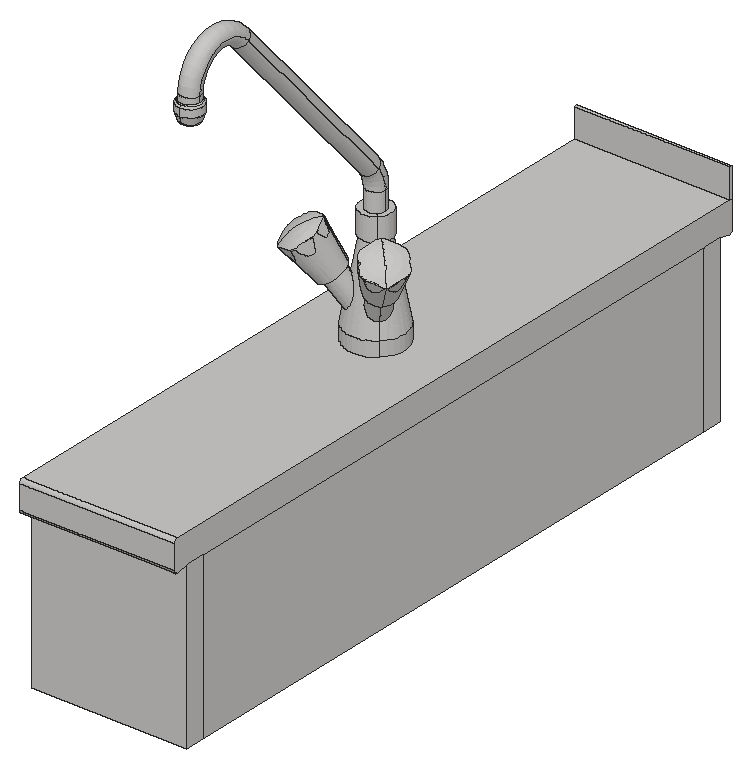
Revit family "QF_ELECTROLUXPROFESSIONAL_589149_MCEBBBBOOO", category Attrezzature speciali, Revit 2020
Family settings
  Quota connettore circolare = Usa diametro
  Tipo di parte = Normale
  Basato su piano di lavoro = No
  Sempre verticale = Sì
  Taglio con vuoti quando caricato = No
  Condiviso = No
  Punto di calcolo locali = No
Parameters (values of type "Standard")
  Weight = 16.50 kg
  Watts = 0 W
  Volts = 0 V
  URL Manufacturer = "https://www.electroluxprofessional.com/"
  URL = "https://www.electroluxprofessional.com/"
  Steam Supply Size = 0"
  Steam Supply Minimum Pressure = 0.00 psi
  Steam Supply Maximum Pressure = 0.00 psi
  Steam Consumption per Hour = 0
  Refrigeration Suction Line Size = 0 mm
  Refrigeration Liquid Line Size = 0 mm
  Refrigerant Compressor Remote = yes
  Prospetto di default = 0 mm
  Phase = 0
  Modello = "MCEBBBBOOO"
  Produttore = "Electrolux Professional"
  Length Actual = 200 mm  # constant formula
  Item Number = "589149"
  Hot Water Size = 0"
  Height Actual = 250 mm  # constant formula
  HP = "0 HP"
  Gas Size = 0"
  Gas KW = 0
  Gas Input Pressure = 0.0 Btu/h
  Direct Waste Size = 0"
  Descrizione = "WATER MIXING TAP,KNOBS,1S,BS,200X900X250"
  Depth Actual = 900 mm  # constant formula
  Cycle = 0 Hz
  Condensate Return Size = 0"
  Compressed Air Volume = 0 GPM
  Compressed Air Size = 0"
  Compressed Air Pressure = 0.00 psi
  Cold Water Size = 0"
  Accessory = yes
Reference planes
  plane 1 "BACK": y = 50
  plane 2: z = 0
  plane 3 "LEFT": x = 0
  plane 4 "RIGHT": x = 200
  plane 5 "FRONT": y = -850
  plane 6 "TOP": z = 900
  plane 7 "Center (Left/Right)": x = 100
  plane 8: y = -400
  plane 9 "Base": z = 650
  plane 10 "Panel": y = -805
  plane 11: z = 1375
  plane 12: x = 78
  plane 13 "HWCWx": x = 145
  plane 14 "HWCWy": y = -473
  plane 15: z = 1285
  plane 16: y = -466.65
  plane 17: y = -479.35
Forms (mm)
  Extrusion 1, solid, material "QF_Finishes_Stainless Steel"
    sketch origin (-178.969, -4572, 650) x (-1, 0, 0) y (0, -1, 0)
      loop
        line (-178.969, -4577) -> (-178.969, -3767) -> (-378.969, -3767) -> (-378.969, -4577) -> (-178.969, -4577)
    from 0 to 212.969
  Extrusion 2, solid, material "QF_Finishes_Stainless Steel"
    sketch origin (100, 296.4, 1219.2) x (0, 1, 0) y (0, 0, 1)
      loop
        line (-246.4, -319.2) -> (-1141.4, -319.2)
        arc (-1141.4, -319.2) -> (-1144.935, -320.664) -> (-1146.4, -324.2) r 5
        line (-1146.4, -324.2) -> (-1146.4, -355.2)
        arc (-1146.4, -355.2) -> (-1144.971, -358.264) -> (-1141.705, -359.139) r 4
        line (-1141.705, -359.139) -> (-1126.4, -356.231) -> (-266.4, -356.231) -> (-251.094, -359.139)
        arc (-251.094, -359.139) -> (-247.829, -358.264) -> (-246.4, -355.2) r 4
        line (-246.4, -355.2) -> (-246.4, -319.2)
    from -100 to 100
  Extrusion 3, solid, material "QF_Finishes_Stainless Steel"
    sketch origin (-178.969, -4572, 650) x (-1, 0, 0) y (0, -1, 0)
      loop
        line (-178.969, -4577) -> (-178.969, -3767) -> (-378.969, -3767) -> (-378.969, -4577) -> (-178.969, -4577)
    from 212.969 to 0
  Extrusion 4, solid, material "QF_Finishes_Stainless Steel"
    sketch origin (400, 296.4, 1219.2) x (0, 1, 0) y (0, 0, 1)
      loop
        line (-249.4, -319.2) -> (-246.4, -319.2) -> (-246.4, -281.2) -> (-249.4, -281.2) -> (-249.4, -319.2)
    from -400 to -200
  Extrusion 5, solid, material "QF_Finishes_Stainless Steel"
    sketch origin (100, 296.4, 1219.2) x (0, 1, 0) y (0, 0, 1)
      loop
        line (-1101.4, -569.2) -> (-1101.4, -356.231) -> (-1126.4, -356.231) -> (-1126.4, -569.2) -> (-1101.4, -569.2)
    from -100 to 100
  Extrusion 6, solid, material "QF_Finishes_Stainless Steel"
    sketch origin (-178.969, -4622, 650) x (-1, 0, 0) y (0, -1, 0)
      loop
        circle (-323.969, -4155.35) r 6.35
    from 0 to -12
  Extrusion 7, solid, material "QF_Finishes_Stainless Steel"
    sketch origin (-176.398, -4624.007, 650) x (-1, 0, 0) y (0, -1, 0)
      loop
        circle (-321.398, -4144.657) r 6.35
    from 0 to -12
  Extrusion 8, solid, material "QF_Finishes_Stainless Steel"
    sketch origin (0, 0, 0) x (0, 1, 0) y (0, 0, 1)
      loop
        line (30, 650) -> (30, 862.969) -> (5, 862.969) -> (5, 650) -> (30, 650)
    from 0 to 200
Lines and regions (mm)
  symbolic lines
    curve 1: line (0, 50, 650) -> (200, 50, 650)
    curve 2: line (0, -850, 650) -> (0, 50, 650)
    curve 3: line (200, -850, 650) -> (0, -850, 650)
    curve 4: line (200, 50, 650) -> (200, -850, 650)
    curve 5: line (0, 47, 0) -> (200, 47, 0)
Dimensions and locks
  plane 3 "LEFT" to plane 4 "RIGHT" = 200 mm
  plane 5 "FRONT" to plane 1 "BACK" = 900 mm
  equal spacing: plane 3 "LEFT", plane 7 "Center (Left/Right)", plane 4 "RIGHT"
  equal spacing: plane 5 "FRONT", plane 8, plane 1 "BACK"
  plane 6 "TOP" to level = 900 mm  (x2)
  plane 9 "Base" to level = 650 mm
  plane 6 "TOP" to plane 9 "Base" to level = 250 mm, 650 mm
  plane 1 "BACK" to plane 5 "FRONT" = 900 mm
  plane 11 to plane 6 "TOP" = 475 mm
  plane 12 to plane 3 "LEFT" = 78 mm
  plane 13 "HWCWx" to plane 4 "RIGHT" = 55 mm
  plane 14 "HWCWy" to plane 1 "BACK" = 523 mm
  plane 15 to plane 6 "TOP" = 385 mm
  plane 16 to plane 14 "HWCWy" = 6.35 mm
  plane 14 "HWCWy" to plane 17 = 6.35 mm
  locked: plane 10 "Panel" to plane 5 "FRONT" at 45
  aligned and locked: level to plane 2
  aligned and locked: nested 1 to plane 8
Automatic sketch dimensions
  curve 5 to plane 3 "LEFT" = 0 mm
  curve 5 to plane 4 "RIGHT" = 0 mm
  plane 1 "BACK" to curve 5 = 3 mm
  Extrusion 1 sketch curve to plane 4 "RIGHT" = 0 mm
  Extrusion 1 sketch curve to plane 3 "LEFT" = 0 mm
  Extrusion 1 sketch curve to plane 10 "Panel" = 0 mm
  plane 1 "BACK" to Extrusion 1 sketch curve = 45 mm
  plane 1 "BACK" to curve 1 = 0 mm
  curve 1 to plane 4 "RIGHT" = 0 mm
  curve 3 to plane 3 "LEFT" = 0 mm
  plane 5 "FRONT" to curve 3 = 0 mm
  Extrusion 2 sketch curve to plane 5 "FRONT" = 0 mm
  Extrusion 2 sketch curve to plane 6 "TOP" = 0 mm
  Extrusion 2 sketch curve to plane 1 "BACK" = 0 mm
  Extrusion 2 sketch curve to Extrusion 2 sketch curve = 4 mm
  Extrusion 2 sketch curve to Extrusion 2 sketch curve = 0.695 mm
  Extrusion 2 sketch curve to plane 5 "FRONT" = 5 mm
  Extrusion 2 sketch curve to Extrusion 2 sketch curve = 15.305 mm
  plane 1 "BACK" to Extrusion 2 sketch curve = 20 mm
  plane 1 "BACK" to Extrusion 2 sketch curve = 4.695 mm
  plane 1 "BACK" to Extrusion 2 sketch curve = 4 mm
  Extrusion 2 sketch curve to Extrusion 2 sketch curve = 31 mm
  Extrusion 2 sketch curve to Extrusion 2 sketch curve = 36 mm
  Extrusion 2 sketch curve to Extrusion 2 sketch curve = 2.909 mm
  Extrusion 3 sketch curve to plane 4 "RIGHT" = 0 mm
  Extrusion 3 sketch curve to plane 3 "LEFT" = 0 mm
  Extrusion 3 sketch curve to plane 10 "Panel" = 0 mm
  plane 1 "BACK" to Extrusion 3 sketch curve = 45 mm
  Extrusion 4 sketch curve to plane 6 "TOP" = 0 mm
  Extrusion 4 sketch curve to plane 1 "BACK" = 0 mm
  plane 1 "BACK" to Extrusion 4 sketch curve = 3 mm
  plane 6 "TOP" to Extrusion 4 sketch curve = 38 mm
  Extrusion 6 sketch curve to plane 13 "HWCWx" = 0 mm
  Extrusion 6 sketch curve to plane 16 = 0 mm
  Extrusion 7 sketch curve to plane 13 "HWCWx" = 0 mm
  Extrusion 7 sketch curve to plane 17 = 0 mm
  Extrusion 8 sketch curve to plane 9 "Base" = 0 mm
  plane 10 "Panel" to Extrusion 8 sketch curve = 835 mm
  Extrusion 8 sketch curve to plane 5 "FRONT" = 855 mm
  Extrusion 8 sketch curve to plane 6 "TOP" = 37.031 mm
  Extrusion 5 sketch curve to plane 9 "Base" = 0 mm
  Extrusion 5 sketch curve to plane 10 "Panel" = 0 mm
  Extrusion 5 sketch curve to plane 5 "FRONT" = 20 mm
  Extrusion 5 sketch curve to plane 6 "TOP" = 37.031 mm
  radius of Extrusion 6 sketch curve = 6.35 mm
  radius of Extrusion 7 sketch curve = 6.35 mm
Nested families
  nested 1: "Rub2manop" at (100, -400, 900), type "Rub2manop"
Connectors
  piping at (145, -466.65, 638), diameter 12.7
    settings: on Extrusion 6, index 1, connector inside diameter 24", connector length 0 mm, flow factor 0, pipe flow 0 GPM, pressure drop 0.00 psi, fitting loss kfactor 0, connector angle 0.00°, fixture units 0, engagement length 0 mm, angle of deflection 0.00°, flow configuration 1, flow direction 1, fitting loss method 0, system type 19, joint type 0, gender type 0, connector reference index -1, connector utility 0, adjustable connector no, is connector primary yes, connector description "Cold Water Inlet"
  piping at (145, -479.35, 638), diameter 12.7
    settings: on Extrusion 7, index 2, connector inside diameter 24", connector length 0 mm, flow factor 0, pipe flow 0 GPM, pressure drop 0.00 psi, fitting loss kfactor 0, connector angle 0.00°, fixture units 0, engagement length 0 mm, angle of deflection 0.00°, flow configuration 1, flow direction 1, fitting loss method 0, system type 20, joint type 0, gender type 0, connector reference index -1, connector utility 0, adjustable connector no, is connector primary no, connector description "Cold Water Inlet"
Definition of nested family "Rub2manop"
  Parameters
    Default Elevation = 0 mm
  Reference planes
    plane 1 "Center (Front/Back)": y = 0
    plane 2: z = 0
    plane 3 "Center (Left/Right)": x = 0
    plane 4: through (0, -1.816, 19.983) normal (0, 0.829, 0.5592)
    plane 5: through (0, 1.816, 19.983) normal (0, 0.829, -0.5592)
    plane 6: z = 475
    plane 7: z = 385
    plane 8: y = -300
  Forms (mm)
    Revolve 1, solid
      sketch origin (0, 0, 0) x (0.707107, -0.707107, 0) y (0, 0, 1)
        loop
          line (-37.178, 0) -> (0, 0) -> (0, 152.75) -> (-20, 152.75) -> (-20, 122.711) -> (-16.973, 122.711) -> (-37.178, 18.761) -> (-37.178, 0)
        axis (0, 152.75) -> (0, 0)
      angle from 0 to 360
    Sweep 2, solid
      path origin (0, 0, 70) x (0, 1, 0) y (0, 0, 1)
        loop
          line (0, 82.75) -> (0, 107.023)
          arc (0, 107.023) -> (-2.868, 122.832) -> (-11.107, 136.626) r 45
          line (-11.107, 136.626) -> (-221.159, 377.123)
          arc (-221.159, 377.123) -> (-270.846, 389.579) -> (-300, 347.461) r 45
          line (-300, 347.461) -> (-300, 340)
      profile origin (0, 0, 164.887) x (0, -1, 0) y (1, 0, 0)
        loop
          circle (0, 0) r 12.5
    Revolve 3, solid
      sketch origin (0, 49.999, 152.116) x (0, 1, 0) y (0, 0, 1)
        loop
          line (-333.717, 244.264) -> (-333.717, 254.236)
          arc (-333.717, 254.236) -> (-334.434, 255.758) -> (-335.779, 256.77) r 3.5
          line (-335.779, 256.77) -> (-336.499, 257.884) -> (-349.999, 257.884) -> (-349.999, 233.05) -> (-339.2, 233.05)
          arc (-339.2, 233.05) -> (-338.052, 233.411) -> (-337.32, 234.365) r 2
          line (-337.32, 234.365) -> (-333.717, 244.264)
        axis (-349.999, 257.884) -> (-349.999, 233.05)
      angle from 0 to 360
    Revolve 4, solid
      sketch origin (6.565, -6.565, 13.502) x (-0.703233, 0.703233, -0.104528) y (0.073913, -0.073913, -0.994522)
        loop
          line (-12.287, -29.236) -> (-83.426, -114.015)
          arc (-83.426, -114.015) -> (-71.241, -121.894) -> (-57.494, -126.538) r 58.601
          line (-57.494, -126.538) -> (-27.071, -77.85) -> (-30.606, -74.315) -> (-1.681, -39.843) -> (-12.287, -29.236)
        axis (-12.287, -29.236) -> (-83.426, -114.015)
      angle from 0 to 360
    Extrusion 5, void
      sketch origin (-64.308, 64.308, 82.551) x (-0.707107, -0.707107, 0) y (0.586218, -0.586218, -0.559193)
        loop
          line (0, 82.664) -> (25.311, 97.277) -> (25.311, 126.504) -> (0, 141.117) -> (-25.311, 126.504) -> (-25.311, 97.277) -> (0, 82.664)
        loop
          line (-35, 73.481) -> (35, 73.481) -> (35, 150.258) -> (-35, 150.258) -> (-35, 73.481)
      from 99.488 to 151.47
    Revolve 6, solid
      sketch origin (-6.565, -6.565, 13.502) x (0.703233, 0.703233, -0.104528) y (0.073913, 0.073913, 0.994522)
        loop
          line (-12.287, 29.236) -> (-1.681, 39.843) -> (-30.606, 74.315) -> (-27.071, 77.85) -> (-57.494, 126.538)
          arc (-57.494, 126.538) -> (-71.241, 121.894) -> (-83.426, 114.015) r 58.601
          line (-83.426, 114.015) -> (-12.287, 29.236)
        axis (-12.287, 29.236) -> (-83.426, 114.015)
      angle from 0 to 360
    Extrusion 7, void
      sketch origin (64.308, 64.308, 82.551) x (0.707107, -0.707107, 0) y (0.586218, 0.586218, 0.559193)
        loop
          line (0, -82.664) -> (-25.311, -97.277) -> (-25.311, -126.504) -> (0, -141.117) -> (25.311, -126.504) -> (25.311, -97.277) -> (0, -82.664)
        loop
          line (-35, -73.481) -> (-35, -150.258) -> (35, -150.258) -> (35, -73.481) -> (-35, -73.481)
      from 99.488 to 151.47
  Cuts and joins
    Extrusion 5, Extrusion 7 cuts Revolve 4
    Extrusion 7 cuts Revolve 6
    joined: Revolve 1, Revolve 4, Revolve 6
  Lines and regions (mm)
    symbolic lines
      curve 1: arc (-12.5, -300, 0) -> (0, -312.5, 0) -> (12.5, -300, 0) r 12.5
      curve 2: arc (-12.5, -289.567, 0) -> (0, -316.282, 0) -> (12.5, -289.567, 0) r 16.282
      curve 3: line (12.5, -300, 0) -> (12.5, -35, 0)
      curve 4: line (-12.5, -300, 0) -> (-12.5, -36.463, 0)
      curve 5: arc (-12.5, -15.612, 0) -> (0, 20, 0) -> (12.5, -15.612, 0) r 20
      curve 6: arc (-35.645, -10.568, 0) -> (2.287, 37.108, 0) -> (34.078, -14.864, 0) r 37.178
      curve 7: spline (13.228, -34.745, 0) -> (13.239, -35.559, 0) -> (13.288, -36.365, 0) -> (13.374, -37.16, 0) -> (13.497, -37.944, 0) -> (13.657, -38.715, 0) -> (13.855, -39.47, 0) -> (14.088, -40.21, 0) -> (14.358, -40.932, 0) -> (14.663, -41.634, 0) -> (15.002, -42.315, 0) -> (15.376, -42.975, 0) -> (15.782, -43.611, 0)
      curve 8: spline (43.611, -15.782, 0) -> (40.794, -14.303, 0) -> (37.644, -13.445, 0) -> (34.273, -13.239, 0) -> (30.803, -13.693, 0) -> (27.359, -14.79, 0) -> (24.066, -16.49, 0) -> (21.041, -18.733, 0) -> (18.395, -21.437, 0) -> (16.223, -24.505, 0) -> (14.602, -27.827, 0) -> (13.592, -31.282, 0) -> (13.228, -34.745, 0)
      curve 9: line (13.228, -34.745, 0) -> (7.861, -29.378, 0)
      curve 10: line (34.644, -13.493, 0) -> (29.195, -8.044, 0)
      curve 11: arc (29.195, -8.044, 0) -> (15.24, -15.423, 0) -> (7.861, -29.378, 0) r 26.795
      curve 12: line (43.611, -15.782, 0) -> (63.195, -27.4, 0)
      curve 13: line (63.195, -27.4, 0) -> (78.806, -43.011, 0)
      curve 14: line (43.011, -78.806, 0) -> (27.319, -63.114, 0)
      curve 15: line (27.319, -63.114, 0) -> (15.782, -43.611, 0)
      curve 16: line (29.21, -65.005, 0) -> (28.397, -59.939, 0)
      curve 17: line (35.372, -40.158, 0) -> (40.158, -35.372, 0)
      curve 18: line (59.939, -28.397, 0) -> (65.005, -29.21, 0)
      curve 19: line (59.939, -28.397, 0) -> (40.158, -35.372, 0)
      curve 20: line (35.372, -40.158, 0) -> (28.397, -59.939, 0)
      curve 21: line (59.939, -28.397, 0) -> (53.555, -26.199, 0)
      curve 22: line (53.555, -26.199, 0) -> (47.458, -25.233, 0)
      curve 23: arc (47.458, -25.233, 0) -> (42.154, -26.754, 0) -> (39.911, -31.794, 0) r 6.527
      curve 24: line (39.911, -31.794, 0) -> (40.158, -35.372, 0)
      curve 25: line (28.397, -59.939, 0) -> (26.199, -53.555, 0)
      curve 26: line (26.199, -53.555, 0) -> (25.233, -47.458, 0)
      curve 27: arc (25.233, -47.458, 0) -> (26.754, -42.154, 0) -> (31.794, -39.911, 0) r 6.527
      curve 28: line (31.794, -39.911, 0) -> (35.372, -40.158, 0)
      curve 29: line (69.215, -71.475, 0) -> (71.475, -69.215, 0)
      curve 30: arc (78.806, -43.011, 0) -> (77.308, -56.719, 0) -> (71.475, -69.215, 0) r 42.239
      curve 31: arc (43.011, -78.806, 0) -> (56.719, -77.308, 0) -> (69.215, -71.475, 0) r 42.239
      curve 32: spline (-13.228, -34.745, 0) -> (-13.239, -35.559, 0) -> (-13.288, -36.365, 0) -> (-13.374, -37.16, 0) -> (-13.497, -37.944, 0) -> (-13.657, -38.715, 0) -> (-13.855, -39.47, 0) -> (-14.088, -40.21, 0) -> (-14.358, -40.932, 0) -> (-14.663, -41.634, 0) -> (-15.002, -42.315, 0) -> (-15.376, -42.975, 0) -> (-15.782, -43.611, 0)
      curve 33: spline (-43.611, -15.782, 0) -> (-40.794, -14.303, 0) -> (-37.644, -13.445, 0) -> (-34.273, -13.239, 0) -> (-30.803, -13.693, 0) -> (-27.359, -14.79, 0) -> (-24.066, -16.49, 0) -> (-21.041, -18.733, 0) -> (-18.395, -21.437, 0) -> (-16.223, -24.505, 0) -> (-14.602, -27.827, 0) -> (-13.592, -31.282, 0) -> (-13.228, -34.745, 0)
      curve 34: line (-13.228, -34.745, 0) -> (-7.861, -29.378, 0)
      curve 35: line (-34.386, -13.235, 0) -> (-29.195, -8.044, 0)
      curve 36: arc (-29.195, -8.044, 0) -> (-15.24, -15.423, 0) -> (-7.861, -29.378, 0) r 26.795
      curve 37: line (-43.611, -15.782, 0) -> (-63.195, -27.4, 0)
      curve 38: line (-63.195, -27.4, 0) -> (-78.806, -43.011, 0)
      curve 39: line (-43.011, -78.806, 0) -> (-27.319, -63.114, 0)
      curve 40: line (-27.319, -63.114, 0) -> (-15.782, -43.611, 0)
      curve 41: line (-29.21, -65.005, 0) -> (-28.397, -59.939, 0)
      curve 42: line (-35.372, -40.158, 0) -> (-40.158, -35.372, 0)
      curve 43: line (-59.939, -28.397, 0) -> (-65.005, -29.21, 0)
      curve 44: line (-59.939, -28.397, 0) -> (-40.158, -35.372, 0)
      curve 45: line (-35.372, -40.158, 0) -> (-28.397, -59.939, 0)
      curve 46: line (-59.939, -28.397, 0) -> (-53.555, -26.199, 0)
      curve 47: line (-53.555, -26.199, 0) -> (-47.458, -25.233, 0)
      curve 48: arc (-47.458, -25.233, 0) -> (-42.154, -26.754, 0) -> (-39.911, -31.794, 0) r 6.527
      curve 49: line (-39.911, -31.794, 0) -> (-40.158, -35.372, 0)
      curve 50: line (-28.397, -59.939, 0) -> (-26.199, -53.555, 0)
      curve 51: line (-26.199, -53.555, 0) -> (-25.233, -47.458, 0)
      curve 52: arc (-25.233, -47.458, 0) -> (-26.754, -42.154, 0) -> (-31.794, -39.911, 0) r 6.527
      curve 53: line (-31.794, -39.911, 0) -> (-35.372, -40.158, 0)
      curve 54: line (-69.215, -71.475, 0) -> (-71.475, -69.215, 0)
      curve 55: arc (-78.806, -43.011, 0) -> (-77.308, -56.719, 0) -> (-71.475, -69.215, 0) r 42.239
      curve 56: arc (-43.011, -78.806, 0) -> (-56.719, -77.308, 0) -> (-69.215, -71.475, 0) r 42.239
      curve 57: spline (12.5, -221.159, 0) -> (12.074, -218.727, 0) -> (10.825, -216.459, 0) -> (8.839, -214.513, 0) -> (6.25, -213.019, 0) -> (3.235, -212.08, 0) -> (0, -211.759, 0) -> (-3.235, -212.08, 0) -> (-6.25, -213.019, 0) -> (-8.839, -214.513, 0) -> (-10.825, -216.459, 0) -> (-12.074, -218.727, 0) -> (-12.5, -221.159, 0)
      curve 58: arc (-12.5, 0, 0) -> (0, 12.5, 0) -> (12.5, 0, 0) r 12.5
      curve 59: arc (-12.001, -12.001, 0) -> (0, 16.973, 0) -> (12.001, -12.001, 0) r 16.973
      curve 60: line (-12.5, -18.633, 0) -> (-12.5, 0, 0)
      curve 61: line (12.5, -18.633, 0) -> (12.5, 0, 0)
  Dimensions and locks
    plane 7 to level = 385 mm
    plane 6 to level = 475 mm
    plane 1 "Center (Front/Back)" to plane 8 = 300 mm
    aligned and locked: level to plane 2
